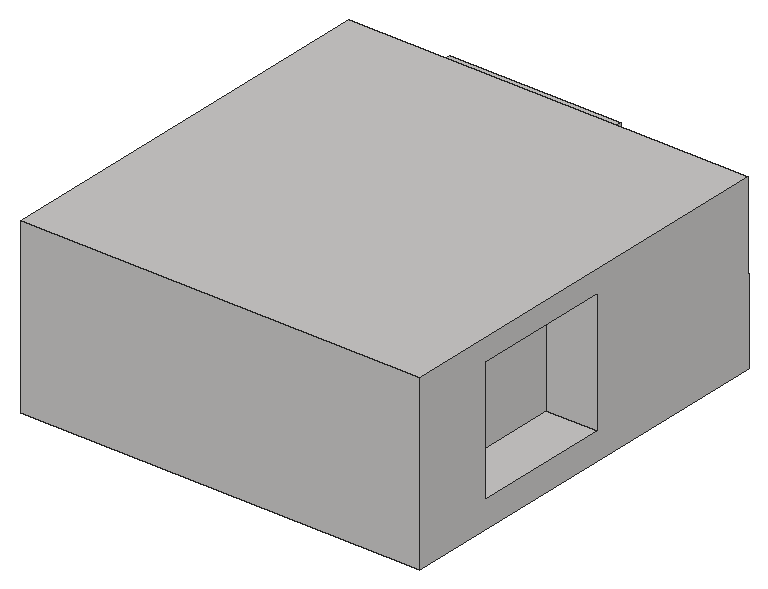
Revit family
Parameters
  Width = 4' - 0 1/8"
  Voltage = 277 V
  Unit Weight = "220.0 lbs"
  UltraLoc Liner = Choose Liner Option = 3  # no
  URL = "http://www.titus-hvac.com/"
  UL = "181"
  Supply Air Flow [instance] = 0 CFM
  SteriLoc Liner = Choose Liner Option = 2  # no
  Primary Air Pressure Drop [instance] = 0.00 in-wg
  Primary Air Flow [instance] = 0 CFM
  Plenum Air Pressure Drop [instance] = 0.00 in-wg
  Plenum Air Flow [instance] = 0 CFM
  Outlet Width = 1' - 4 1/2"
  Outlet Vertical Offset = 0' - 1 1/8"
  Outlet Horizontal Offset = 0' - 1 3/8"
  Outlet Height = 1' - 2 1/2"
  Number of Poles = 1
  Nominal Width = Width + 0' 6 1/4"  # 4' - 6 3/8"
  Nominal Length = Length + 0' 3 3/8"  # 4' - 2 1/4"
  Nominal Inlet Size = 1' - 2"
  Nominal Height = 1' - 8 1/8"
  NFPA = "90A"
  Motor Full Load Amps = 3.3 A
  Model = "DTQS"
  Min. Air Flow = 0 CFM
  Max. Air Flow = 0 CFM
  Material = Galvanized Steel
  Manufacturer = "Titus"
  Length = 3' - 10 7/8"
  Juction Box Offset = 0' - 6 7/8"
  Inlet Diameter = Nominal Inlet Size - 0' 0 1/8"  # 1' - 1 7/8"
  Induced offset = 0' - 1 1/4"
  Induced Air Inlet Offset = 0' - 4 1/2"
  Induced Air Inlet Width = 1' - 9"
  Induced Air Inlet Height = 1' - 5 1/2"
  Induced Air Filter = no
  Heating Total Capacity [instance] = 0 Btu/h
  Half Outlet Connection Width = Outlet Width / 2  # 0' - 8 1/4"
  Half Outlet Connection Height = Outlet Height / 2  # 0' - 7 1/4"
  Half Height Start = -(Nominal Height / 2)  # -0' - 10 1/16"
  Half Height End = Nominal Height / 2  # 0' - 10 1/16"
  HP-Motor = "1/3"
  Frequency = 60 Hz
  Filter Size = "27\"x20\""
  Fiber Free Liner = Choose Liner Option = 1  # no
  Fan Disconnect Switch = no
  Duct Radius = Nominal Inlet Size / 2  # 0' - 7"
  Description = "Series Fan Powered Terminal Unit, Direct Digital Control, Pressure Independent"
  Connection Void Radius = Connection Radius - 0' 0 1/4"  # 0' - 6 11/16"
  Connection Radius = Inlet Diameter / 2  # 0' - 6 15/16"
  Choose Liner Option = 0
  CADworks URL = "www.CADworks.net"
  Assembly Code = "D3040100"
  Apparent Power = Voltage * Motor Full Load Amps  # 914.1 VA
  Air Inlet Offset = 0' - 10"
  1/2" Fiberglass Liner = Choose Liner Option = 0  # yes
Reference planes (in)
  plane 1 "Center (Front/Back)": y = 0
  plane 2: z = 0
  plane 3 "Center (Left/Right)": x = 3
  plane 4: x = -20.4375
  plane 5: x = 26.4375
  plane 6: x = -13.5625
  plane 7: x = -23.8125
  plane 8 "Center (Elevation)": z = 0
  plane 9: y = -24.0625
  plane 10: y = 24.0625
  plane 11: y = 14.0625
  plane 12: y = -19.5625
  plane 13: x = 20.4375
  plane 14: y = 30.3125
  plane 15: z = 10.0625
  plane 16: z = -10.0625
Forms (in)
  Extrusion 1, solid, material "Galvanized Steel" <- "Material"
    sketch origin (0, 0, 52) x (1, 0, 0) y (0, 1, 0)
      loop
        line (-20.4375, 24.0625) -> (-20.4375, -24.0625) -> (26.4375, -24.0625) -> (26.4375, 24.0625) -> (-20.4375, 24.0625)
    from -62.0625 <- "Half Height Start" to -41.9375 <- "Half Height End"
  Extrusion 2, solid, material "Galvanized Steel" <- "Material"
    sketch origin (5.0625, 0, -6) x (1, 0, 0) y (0, 1, 0)
      loop
        line (-18.625, 24.0625) -> (1.375, 24.0625) -> (1.375, 30.3125) -> (-18.625, 30.3125) -> (-18.625, 24.0625)
    from 0 to 12
  Extrusion 3, void
    sketch origin (26.4375, 24.0625, 53.125) x (0, 1, 0) y (0, 0, -1)
      loop
        line (-22.125, 45.5625) -> (-22.125, 60.0625) -> (-38.625, 60.0625) -> (-38.625, 45.5625) -> (-22.125, 45.5625)
    from 0 to 6
  Extrusion 4, solid, material "Galvanized Steel" <- "Material"
    sketch origin (-24.875, 0.5625, 0) x (0, 0, -1) y (0, 1, 0)
      loop
        circle (0, 13.5) r 6.9375
    from 1.0625 to 4.4375
  Extrusion 5, void
    sketch origin (-24.875, 0, 0) x (0, 1, 0) y (0, 0, 1)
      loop
        circle (14.0625, 0) r 6.6875
    from 1.0625 to 11.3125
  Extrusion 6, void
    sketch origin (-20.4375, -24.0625, 52) x (0, -1, 0) y (0, 0, -1)
      loop
        line (-25.5, 43.3125) -> (-4.5, 43.3125) -> (-4.5, 60.8125) -> (-25.5, 60.8125) -> (-25.5, 43.3125)
    from 0 to 6.875
Cuts and joins
  Extrusion 3, Extrusion 5, Extrusion 6 cuts Extrusion 1
  Extrusion 5 cuts Extrusion 4
Dimensions and locks (in)
  "Length": plane 5 to plane 4
  equal spacing: plane 5, plane 3 "Center (Left/Right)", plane 4
  locked: Extrusion 2 to plane 6 at 0
  locked: Extrusion 2 to Extrusion 2 at 20
  "Juction Box Offset": plane 6 to plane 4
  "Outlet Height": Extrusion 3 sketch curve to Extrusion 3 sketch curve
  "Outlet Width": Extrusion 3 sketch curve to Extrusion 3 sketch curve
  locked: plane 4 to plane 7 at 3.375
  "Width": plane 9 to plane 10
  equal spacing: plane 9, plane 1 "Center (Front/Back)", plane 10
  locked: Extrusion 4 sketch curve to level at 0
  locked: Extrusion 4 sketch curve to plane 11 at 0
  locked: Extrusion 5 sketch curve to level at 0
  locked: Extrusion 5 sketch curve to plane 11 at 0
  locked: Extrusion 2 to Extrusion 2 at 6.25
  "Air Inlet Offset": plane 10 to plane 11
  locked: Extrusion 2 to plane 10 at 0
  locked: cut or joined group of Extrusion 4, Extrusion 5 to plane 7 at 0
  locked: cut or joined group of Extrusion 4, Extrusion 5 to cut or joined group of Extrusion 4, Extrusion 5 at 3.375
  "Induced Air Inlet Offset": plane 9 to plane 12
  "Induced Air Inlet Width": Extrusion 6 sketch curve to Extrusion 6 sketch curve
  "Induced Air Inlet Height": Extrusion 6 sketch curve to Extrusion 6 sketch curve
  "Induced Air Inlet Offset": Extrusion 6 sketch curve to plane 9
  locked: plane 9 to Extrusion 3 sketch curve at 9.5
  cut or joined group of Extrusion 1, Extrusion 3, Extrusion 5, Extrusion 6 to Extrusion 3 sketch curve = 0' - 3 1/8"
  locked: Extrusion 2 to Extrusion 2 at 12
  equal spacing: Extrusion 2, level, Extrusion 2
  locked: cut or joined group of Extrusion 1, Extrusion 3, Extrusion 5, Extrusion 6 to cut or joined group of Extrusion 1, Extrusion 3, Extrusion 5, Extrusion 6 at 20.125
  equal spacing: cut or joined group of Extrusion 1, Extrusion 3, Extrusion 5, Extrusion 6, level, cut or joined group of Extrusion 1, Extrusion 3, Extrusion 5, Extrusion 6
  "Induced offset": Extrusion 6 sketch curve to cut or joined group of Extrusion 1, Extrusion 3, Extrusion 5, Extrusion 6
  plane 15 to Extrusion 2 = 0' - 4 1/16"
  "Connection Radius": radius of Extrusion 4 sketch curve
  "Connection Void Radius": radius of Extrusion 5 sketch curve
  aligned and locked: plane 6 to Extrusion 6
  aligned and locked: Extrusion 3 to plane 13
  aligned and locked: plane 5 to cut or joined group of Extrusion 1, Extrusion 3, Extrusion 5, Extrusion 6
  aligned and locked: cut or joined group of Extrusion 1, Extrusion 3, Extrusion 5, Extrusion 6 to plane 4
  aligned and locked: cut or joined group of Extrusion 1, Extrusion 3, Extrusion 5, Extrusion 6 to plane 10
  aligned and locked: plane 9 to cut or joined group of Extrusion 1, Extrusion 3, Extrusion 5, Extrusion 6
  aligned and locked: Extrusion 1 to Extrusion 6
  aligned and locked: Extrusion 5 to plane 7
  aligned and locked: plane 6 to Extrusion 5
Automatic sketch dimensions
  Extrusion 1 sketch curve to plane 4 = 0' - 0"
  plane 5 to Extrusion 1 sketch curve = 0' - 0"
  Extrusion 1 sketch curve to plane 9 = 0' - 0"
  Extrusion 1 sketch curve to plane 10 = 0' - 0"
  Extrusion 2 sketch curve to plane 6 = 0' - 0"
  Extrusion 2 sketch curve to plane 10 = 0' - 0"
  plane 3 "Center (Left/Right)" to Extrusion 2 sketch curve = 0' - 3 7/16"
  Extrusion 2 sketch curve to plane 10 = 0' - 6 1/4"
Connectors (in)
  electrical at (-3.5625, 30.3125, 0), driven by "Apparent Power", driven by "Voltage", driven by "Number of Poles"
    settings: on Extrusion 2, index 8
  hvac at (-23.8125, 14.0625, 0), driven by "Primary Air Flow", driven by "Duct Radius", driven by "Primary Air Pressure Drop"
    settings: on cut or joined group of Extrusion 4, Extrusion 5, index 9
  hvac at (-20.4375, -9.0625, -0.0625), driven by "Induced Air Inlet Height", driven by "Induced Air Inlet Width", driven by "Plenum Air Pressure Drop", driven by "Plenum Air Flow"
    settings: on cut or joined group of Extrusion 1, Extrusion 3, Extrusion 5, Extrusion 6, index 12
  hvac at (26.4375, -6.3125, 0.3125), driven by "Supply Air Flow", driven by "Outlet Width", driven by "Outlet Height"
    settings: on cut or joined group of Extrusion 1, Extrusion 3, Extrusion 5, Extrusion 6, index 13
